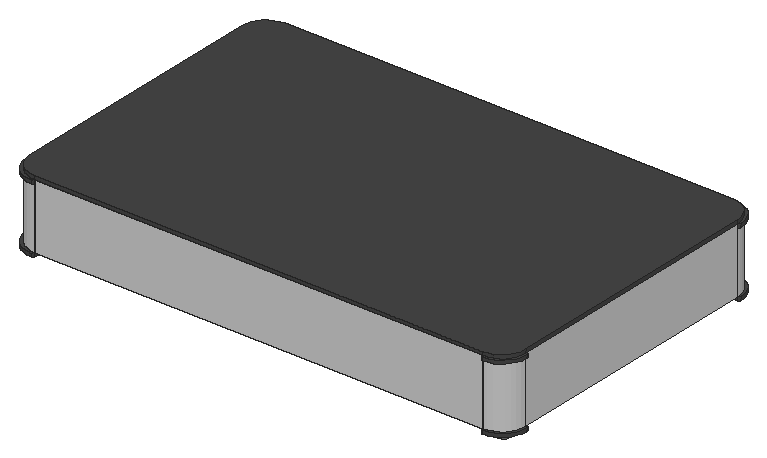
Revit family "QF_ADVENTYS_IE2_600_S-S_250902074608", category Specialty Equipment, Revit 2021
Family settings
  Round Connector Dimension = Use Diameter
  Part Type = Normal
  OmniClass Number = 23.40.40.14
  OmniClass Title = Food Service Equipment
  Work Plane-Based = No
  Always vertical = Yes
  Cut with Voids When Loaded = No
  Shared = No
  Room Calculation Point = No
Parameters (values of type "ADV1842")
  Weight in Pounds [instance] = 0
  Weight = 7.50 kg
  Warranty Start Date [instance] = ""
  Warranty Duration [instance] = ""
  Volts [instance] = 230 V
  URL Recommended Spares List = ""
  URL Manufacturer = ""
  URL Cutsheet = ""
  URL Critical Spares List = ""
  URL = "www.adventys.com"
  Tag Number [instance] = ""
  Status [instance] = ""
  Specification by User [instance] = ""
  Specification by Manufacturer [instance] = ""
  Sound Level [instance] = ""
  Solid Fuel Type [instance] = ""
  Service Life Duration [instance] = ""
  Serial Number [instance] = ""
  Seismic Rating [instance] = ""
  SMACNA No [instance] = ""
  Revision Code [instance] = ""
  Revision [instance] = ""
  Production Year [instance] = ""
  Point Load [instance] = 0
  Phase [instance] = 1
  Other Equipment Approvals [instance] = ""
  Number of Poles [instance] = 2
  NAFEM Spec ID Number [instance] = ""
  Model Warning [instance] = ""
  Model = "IE2 600 S-S"
  Min Ckt Ampacity [instance] = 0 A
  Max Overcurrent Protection [instance] = 10 A
  Masterspec [instance] = ""
  Manufacturer = "ADVENTYS"
  Length Actual = 620 mm
  Item Number [instance] = ""
  Installed By [instance] = ""
  Installation Date [instance] = ""
  Identify Quantity as Lot [instance] = no
  ID [instance] = ""
  Hygiene Approval [instance] = ""
  Hot Water Consumption = 0.0 L/s
  Height Actual = 96 mm
  HP power [instance] = ""
  Furnished By [instance] = ""
  Foodservice Equipment Identifier [instance] = no
  FL Amps [instance] = 2.7 A
  Electrical Remarks [instance] = "Plug not included"
  Electric power [instance] = 0 W
  Electric Connection Type [instance] = "Cord&Plug"
  Elec Conn RI Height [instance] = 0 mm
  Elec Conn Connection Height [instance] = 0 mm
  ETL Approved [instance] = no
  Description = "2 ZONES CUSTOMIZABLE INDUCTION BUFFET"
  Depth Actual = 390 mm
  Default Elevation = 0 mm
  Cycle [instance] = 50 Hz
  Cost = 0
  Conn Plug [instance] = ""
  Conn Conduit [instance] = no
  CSI MasterFormat [instance] = ""
  CE Approved [instance] = no
  Barcode [instance] = 0
  Author [instance] = ""
  Asset Identifier [instance] = ""
  Apparent Power [instance] = 600 VA
  Accessory = no
Reference planes
  plane 1 "Center (Front/Back)": y = 0
  plane 2: z = 0
  plane 3 "Center (Left/Right)": x = 0
Forms (mm)
  Extrusion 1, solid, not visible
    sketch origin (70.003, -2, 47.502) x (1, 0, 0) y (0, 1, 0)
      loop
        line (-2, 2) -> (-2, -2) -> (2, -2) -> (2, 2) -> (-2, 2)
    from -2 to 2
Dimensions and locks
  locked: Extrusion 1 to nested 2
  locked: nested 2 to Extrusion 1 at 2
  aligned and locked: level to plane 2
Nested families
  nested 1: "QF_ADVENTYS_ADV1842_2916" at (0, 0, 0), type "ADV1842"
    with Status "", Show Logo yes, Show Clearance yes
  nested 2: "CONN_POINT_ELE_2D___Generic_Annotation" at (70.003, 0, 47.502), type "CONN_POINT_ELE_2D___Generic_Annotation"
    with Onboard connection annotation symbol visibility yes
Connectors
  electrical at (70.003, 0, 47.502), driven by "Apparent Power", driven by "Number of Poles", driven by "Volts"
    settings: on Extrusion 1, index 1, voltage 230 V, apparent load 0 VA, apparent load phase1 600 VA, apparent load phase2 0 VA, apparent load phase3 0 VA, power factor 1, load classification "Other", number of poles 2, system type 31, power factor state 1, is connector primary yes, connector utility no, sub classification motor no, connector description "Electrical connection for IE2 600 S-S"
Definition of nested family "QF_ADVENTYS_ADV1842_2916"
  Parameters (values of type "ADV1842")
    URL = "www.adventys.com"
    Status [instance] = ""
    Show Logo [instance] = yes
    Show Clearance [instance] = yes
    Model = "IE2 600 S-S"
    Manufacturer = "ADVENTYS"
    Description = "2 ZONES CUSTOMIZABLE INDUCTION BUFFET"
    Default Elevation = 0 mm
    Author = "SPECIFI"
    Assembly Code = "E1090320"
  Reference planes
    plane 1 "Back": y = 0
    plane 2: z = 0
    plane 3 "Left": x = 0
    plane 4 "Right": x = 620
    plane 5 "Front": y = -390
    plane 6 "Top": z = 96
  Forms (mm)
    Extrusion 1, solid
      sketch origin (-437.879, -390, -60.3) x (1, 0, 0) y (0, 1, 0)
        loop
          line (437.879, 360) -> (437.879, 30) -> (467.879, 30) -> (467.879, 0) -> (1027.879, 0) -> (1027.879, 30) -> (1057.879, 30) -> (1057.879, 360) -> (1027.879, 360) -> (1027.879, 390) -> (467.879, 390) -> (467.879, 360) -> (437.879, 360)
      from 70.3 to 152.3
    Extrusion 2, solid
      sketch origin (30, -390, -14.006) x (1, 0, 0) y (0, 1, 0)
        loop
          line (0, 30) -> (-30.98, 30)
          arc (-30.98, 30) -> (-32.402, 29.388) -> (-32.935, 27.935) r 1.958
          arc (-32.935, 27.935) -> (-23.852, 6.102) -> (-2, -2.935) r 30.935
          arc (-2, -2.935) -> (-0.586, -2.35) -> (0, -0.935) r 2
          line (0, -0.935) -> (0, 30)
        loop
          line (560, 30) -> (560, -0.935)
          arc (560, -0.935) -> (560.586, -2.35) -> (562, -2.935) r 2
          arc (562, -2.935) -> (583.852, 6.102) -> (592.935, 27.935) r 30.935
          arc (592.935, 27.935) -> (592.402, 29.388) -> (590.98, 30) r 1.958
          line (590.98, 30) -> (560, 30)
        loop
          line (0, 360) -> (0, 390.935)
          arc (0, 390.935) -> (-0.586, 392.35) -> (-2, 392.935) r 2
          arc (-2, 392.935) -> (-23.852, 383.898) -> (-32.935, 362.065) r 30.935
          arc (-32.935, 362.065) -> (-32.402, 360.612) -> (-30.98, 360) r 1.958
          line (-30.98, 360) -> (0, 360)
        loop
          line (560, 360) -> (590.98, 360)
          arc (590.98, 360) -> (592.402, 360.612) -> (592.935, 362.065) r 1.958
          arc (592.935, 362.065) -> (583.852, 383.898) -> (562, 392.935) r 30.935
          arc (562, 392.935) -> (560.586, 392.35) -> (560, 390.935) r 2
          line (560, 390.935) -> (560, 360)
      from 20.006 to 24.006
    Extrusion 3, solid
      sketch origin (-430.601, -391.294, 0.995) x (1, 0, 0) y (0, 1, 0)
        loop
          circle (1033.349, 18.158) r 8
        loop
          circle (447.454, 18.158) r 8
        loop
          circle (1033.349, 374.212) r 8
        loop
          circle (447.454, 374.212) r 8
      from -0.995 to 5
    Extrusion 4, solid
      sketch origin (30, -390, 71.994) x (1, 0, 0) y (0, 1, 0)
        loop
          line (0, 0) -> (560, 0)
          arc (560, 0) -> (581.213, 8.787) -> (590, 30) r 30
          line (590, 30) -> (590, 360)
          arc (590, 360) -> (581.213, 381.213) -> (560, 390) r 30
          line (560, 390) -> (0, 390)
          arc (0, 390) -> (-21.213, 381.213) -> (-30, 360) r 30
          line (-30, 360) -> (-30, 30)
          arc (-30, 30) -> (-21.213, 8.787) -> (0, 0) r 30
      from 20.006 to 24.006
    Extrusion 5, solid
      sketch origin (30, -390, 67.994) x (1, 0, 0) y (0, 1, 0)
        loop
          arc (560, 390) -> (581.213, 381.213) -> (590, 360) r 30
          line (590, 360) -> (590.98, 360)
          arc (590.98, 360) -> (592.402, 360.612) -> (592.935, 362.065) r 1.958
          arc (592.935, 362.065) -> (583.852, 383.898) -> (562, 392.935) r 30.935
          arc (562, 392.935) -> (560.586, 392.35) -> (560, 390.935) r 2
          line (560, 390.935) -> (560, 390)
        loop
          line (560, 0) -> (560, -0.935)
          arc (560, -0.935) -> (560.586, -2.35) -> (562, -2.935) r 2
          arc (562, -2.935) -> (583.852, 6.102) -> (592.935, 27.935) r 30.935
          arc (592.935, 27.935) -> (592.402, 29.388) -> (590.98, 30) r 1.958
          line (590.98, 30) -> (590, 30)
          arc (590, 30) -> (581.213, 8.787) -> (560, 0) r 30
        loop
          line (0, 390) -> (0, 390.935)
          arc (0, 390.935) -> (-0.586, 392.35) -> (-2, 392.935) r 2
          arc (-2, 392.935) -> (-23.852, 383.898) -> (-32.935, 362.065) r 30.935
          arc (-32.935, 362.065) -> (-32.402, 360.612) -> (-30.98, 360) r 1.958
          line (-30.98, 360) -> (-30, 360)
          arc (-30, 360) -> (-21.213, 381.213) -> (0, 390) r 30
        loop
          arc (0, 0) -> (-21.213, 8.787) -> (-30, 30) r 30
          line (-30, 30) -> (-30.98, 30)
          arc (-30.98, 30) -> (-32.402, 29.388) -> (-32.935, 27.935) r 1.958
          arc (-32.935, 27.935) -> (-23.852, 6.102) -> (-2, -2.935) r 30.935
          arc (-2, -2.935) -> (-0.586, -2.35) -> (0, -0.935) r 2
          line (0, -0.935) -> (0, 0)
      from 20.006 to 24.006
    Extrusion 6, solid
      sketch origin (884.629, 0.2, -60.3) x (1, 0, 0) y (0, 0, 1)
        loop
          line (-603.629, 131.7) -> (-763.629, 131.7)
          arc (-763.629, 131.7) -> (-767.164, 130.236) -> (-768.629, 126.7) r 5
          line (-768.629, 126.7) -> (-768.629, 96.7)
          arc (-768.629, 96.7) -> (-767.164, 93.164) -> (-763.629, 91.7) r 5
          line (-763.629, 91.7) -> (-603.629, 91.7)
          arc (-603.629, 91.7) -> (-600.093, 93.164) -> (-598.629, 96.7) r 5
          line (-598.629, 96.7) -> (-598.629, 126.7)
          arc (-598.629, 126.7) -> (-600.093, 130.236) -> (-603.629, 131.7) r 5
      from -0.2 to 1.8
    Extrusion 7, solid
      sketch origin (-482.629, 0.6, -0.3) x (-1, 0, 0) y (0, 0, -1)
        loop
          line (-663.129, -58.2) -> (-663.129, -45.2) -> (-704.129, -45.2) -> (-704.129, -58.2) -> (-663.129, -58.2)
      from 0 to 2
    Extrusion 8, solid
      sketch origin (-482.629, -55.341, -0.3) x (-1, 0, 0) y (0, 0, -1)
        loop
          line (-647.129, -55.95) -> (-647.129, -47.45)
          arc (-647.129, -47.45) -> (-647.788, -45.859) -> (-649.379, -45.2) r 2.25
          line (-649.379, -45.2) -> (-657.879, -45.2)
          arc (-657.879, -45.2) -> (-659.47, -45.859) -> (-660.129, -47.45) r 2.25
          line (-660.129, -47.45) -> (-660.129, -55.95)
          arc (-660.129, -55.95) -> (-659.47, -57.541) -> (-657.879, -58.2) r 2.25
          line (-657.879, -58.2) -> (-649.379, -58.2)
          arc (-649.379, -58.2) -> (-647.788, -57.541) -> (-647.129, -55.95) r 2.25
        loop
          line (-653.229, -55.7) -> (-653.229, -52.1) -> (-649.629, -52.1) -> (-649.629, -51.3) -> (-653.229, -51.3) -> (-653.229, -47.7) -> (-654.029, -47.7) -> (-654.029, -51.3) -> (-657.629, -51.3) -> (-657.629, -52.1) -> (-654.029, -52.1) -> (-654.029, -55.7) -> (-653.229, -55.7)
        loop
          line (-707.129, -55.95) -> (-707.129, -47.45)
          arc (-707.129, -47.45) -> (-707.788, -45.859) -> (-709.379, -45.2) r 2.25
          line (-709.379, -45.2) -> (-717.879, -45.2)
          arc (-717.879, -45.2) -> (-719.47, -45.859) -> (-720.129, -47.45) r 2.25
          line (-720.129, -47.45) -> (-720.129, -55.95)
          arc (-720.129, -55.95) -> (-719.47, -57.541) -> (-717.879, -58.2) r 2.25
          line (-717.879, -58.2) -> (-709.379, -58.2)
          arc (-709.379, -58.2) -> (-707.788, -57.541) -> (-707.129, -55.95) r 2.25
        loop
          line (-709.629, -52.1) -> (-709.629, -51.3) -> (-717.629, -51.3) -> (-717.629, -52.1) -> (-709.629, -52.1)
        loop
          circle (-733.525, -51.7) r 6.5
        loop
          line (-733.229, -55.7) -> (-733.229, -47.7) -> (-734.029, -47.7) -> (-734.029, -55.7) -> (-733.229, -55.7)
      from -55.941 to -53.941
    Extrusion 9, solid
      sketch origin (0, 0, 0) x (1, 0, 0) y (0, 1, 0)
        loop
          arc (30, 0) -> (8.787, -8.787) -> (0, -30) r 30
          line (0, -30) -> (30, -30) -> (30, 0)
        loop
          line (30, -390) -> (30, -360) -> (0, -360)
          arc (0, -360) -> (8.787, -381.213) -> (30, -390) r 30
        loop
          line (590, 0) -> (590, -30) -> (620, -30)
          arc (620, -30) -> (611.213, -8.787) -> (590, 0) r 30
        loop
          arc (590, -390) -> (611.213, -381.213) -> (620, -360) r 30
          line (620, -360) -> (590, -360) -> (590, -390)
      from 10 to 88
    Extrusion 10, solid
      sketch origin (1099.629, 0.2, -60.3) x (1, 0, 0) y (0, 0, 1)
        loop
          line (-603.629, 131.7) -> (-763.629, 131.7)
          arc (-763.629, 131.7) -> (-767.164, 130.236) -> (-768.629, 126.7) r 5
          line (-768.629, 126.7) -> (-768.629, 96.7)
          arc (-768.629, 96.7) -> (-767.164, 93.164) -> (-763.629, 91.7) r 5
          line (-763.629, 91.7) -> (-603.629, 91.7)
          arc (-603.629, 91.7) -> (-600.093, 93.164) -> (-598.629, 96.7) r 5
          line (-598.629, 96.7) -> (-598.629, 126.7)
          arc (-598.629, 126.7) -> (-600.093, 130.236) -> (-603.629, 131.7) r 5
      from -0.2 to 1.8
    Extrusion 11, solid
      sketch origin (-267.629, 0.6, -0.3) x (-1, 0, 0) y (0, 0, -1)
        loop
          line (-663.129, -58.2) -> (-663.129, -45.2) -> (-704.129, -45.2) -> (-704.129, -58.2) -> (-663.129, -58.2)
      from 0 to 2
    Extrusion 12, solid
      sketch origin (-267.629, -55.341, -0.3) x (-1, 0, 0) y (0, 0, -1)
        loop
          line (-647.129, -55.95) -> (-647.129, -47.45)
          arc (-647.129, -47.45) -> (-647.788, -45.859) -> (-649.379, -45.2) r 2.25
          line (-649.379, -45.2) -> (-657.879, -45.2)
          arc (-657.879, -45.2) -> (-659.47, -45.859) -> (-660.129, -47.45) r 2.25
          line (-660.129, -47.45) -> (-660.129, -55.95)
          arc (-660.129, -55.95) -> (-659.47, -57.541) -> (-657.879, -58.2) r 2.25
          line (-657.879, -58.2) -> (-649.379, -58.2)
          arc (-649.379, -58.2) -> (-647.788, -57.541) -> (-647.129, -55.95) r 2.25
        loop
          line (-653.229, -55.7) -> (-653.229, -52.1) -> (-649.629, -52.1) -> (-649.629, -51.3) -> (-653.229, -51.3) -> (-653.229, -47.7) -> (-654.029, -47.7) -> (-654.029, -51.3) -> (-657.629, -51.3) -> (-657.629, -52.1) -> (-654.029, -52.1) -> (-654.029, -55.7) -> (-653.229, -55.7)
        loop
          line (-707.129, -55.95) -> (-707.129, -47.45)
          arc (-707.129, -47.45) -> (-707.788, -45.859) -> (-709.379, -45.2) r 2.25
          line (-709.379, -45.2) -> (-717.879, -45.2)
          arc (-717.879, -45.2) -> (-719.47, -45.859) -> (-720.129, -47.45) r 2.25
          line (-720.129, -47.45) -> (-720.129, -55.95)
          arc (-720.129, -55.95) -> (-719.47, -57.541) -> (-717.879, -58.2) r 2.25
          line (-717.879, -58.2) -> (-709.379, -58.2)
          arc (-709.379, -58.2) -> (-707.788, -57.541) -> (-707.129, -55.95) r 2.25
        loop
          line (-709.629, -52.1) -> (-709.629, -51.3) -> (-717.629, -51.3) -> (-717.629, -52.1) -> (-709.629, -52.1)
        loop
          circle (-733.525, -51.7) r 6.5
        loop
          line (-733.229, -55.7) -> (-733.229, -47.7) -> (-734.029, -47.7) -> (-734.029, -55.7) -> (-733.229, -55.7)
      from -55.941 to -53.941
  Lines and regions (mm)
    symbolic lines
      curve 1: line (0, -360, 0) -> (0, -30, 0)
      curve 2: line (30, 0, 0) -> (590, 0, 0)
      curve 3: line (620, -30, 0) -> (620, -360, 0)
      curve 4: line (590, -390, 0) -> (30, -390, 0)
      curve 5: arc (0, -360, 0) -> (8.787, -381.213, 0) -> (30, -390, 0) r 30
      curve 6: arc (590, -390, 0) -> (611.213, -381.213, 0) -> (620, -360, 0) r 30
      curve 7: arc (0, -30, 0) -> (8.787, -8.787, 0) -> (30, 0, 0) r 30
      curve 8: arc (590, 0, 0) -> (611.213, -8.787, 0) -> (620, -30, 0) r 30
      curve 9: line (0, -360, 0) -> (-0.98, -360, 0)
      curve 10: arc (-0.98, -360, 0) -> (-2.365, -360.574, 0) -> (-2.938, -361.958, 0) r 1.958
      curve 11: arc (-2.938, -361.958, 0) -> (6.135, -383.862, 0) -> (28.039, -392.935, 0) r 30.977
      curve 12: arc (28.039, -392.935, 0) -> (29.426, -392.361, 0) -> (30, -390.974, 0) r 1.961
      curve 13: line (30, -390.974, 0) -> (30, -390, 0)
      curve 14: line (620, -360, 0) -> (620.98, -360, 0)
      curve 15: arc (620.98, -360, 0) -> (622.365, -360.574, 0) -> (622.938, -361.958, 0) r 1.958
      curve 16: arc (622.938, -361.958, 0) -> (613.865, -383.862, 0) -> (591.961, -392.935, 0) r 30.977
      curve 17: arc (591.961, -392.935, 0) -> (590.574, -392.361, 0) -> (590, -390.974, 0) r 1.961
      curve 18: line (590, -390.974, 0) -> (590, -390, 0)
      curve 19: line (0, -30, 0) -> (-0.98, -30, 0)
      curve 20: arc (-0.98, -30, 0) -> (-2.365, -29.426, 0) -> (-2.938, -28.042, 0) r 1.958
      curve 21: arc (-2.938, -28.042, 0) -> (6.135, -6.138, 0) -> (28.039, 2.935, 0) r 30.977
      curve 22: arc (28.039, 2.935, 0) -> (29.426, 2.361, 0) -> (30, 0.974, 0) r 1.961
      curve 23: line (30, 0.974, 0) -> (30, 0, 0)
      curve 24: line (620, -30, 0) -> (620.98, -30, 0)
      curve 25: arc (620.98, -30, 0) -> (622.365, -29.426, 0) -> (622.938, -28.042, 0) r 1.958
      curve 26: arc (622.938, -28.042, 0) -> (613.865, -6.138, 0) -> (591.961, 2.935, 0) r 30.977
      curve 27: arc (591.961, 2.935, 0) -> (590.574, 2.361, 0) -> (590, 0.974, 0) r 1.961
      curve 28: line (590, 0.974, 0) -> (590, 0, 0)
  Dimensions and locks
    plane 6 "Top" to level = 96 mm
    plane 3 "Left" to plane 4 "Right" = 620 mm
    plane 5 "Front" to plane 1 "Back" = 390 mm
    aligned and locked: level to plane 2
Definition of nested family "CONN_POINT_ELE_2D___Generic_Annotation"
  Parameters (values of type "CONN_POINT_ELE_2D___Generic_Annotation")
    Onboard connection annotation symbol visibility [instance] = yes
  Reference planes
    plane 1: y = 0
    plane 2: x = 0
  Lines and regions (mm)
    detail lines, visible <- "Onboard connection annotation symbol visibility"
      curve 1: circle (0, 0, 0) r 0.5 normal (0, 0, 1)
      curve 2: line (-1, 0, 0) -> (1, 0, 0)
      curve 3: line (0, 1, 0) -> (0, -1, 0)
      curve 4: line (2.5, 1, 0) -> (1.25, 1, 0)
      curve 5: line (1.25, 1, 0) -> (1.25, -1, 0)
      curve 6: line (1.25, -1, 0) -> (2.5, -1, 0)
      curve 7: line (1.25, 0, 0) -> (2, 0, 0)
